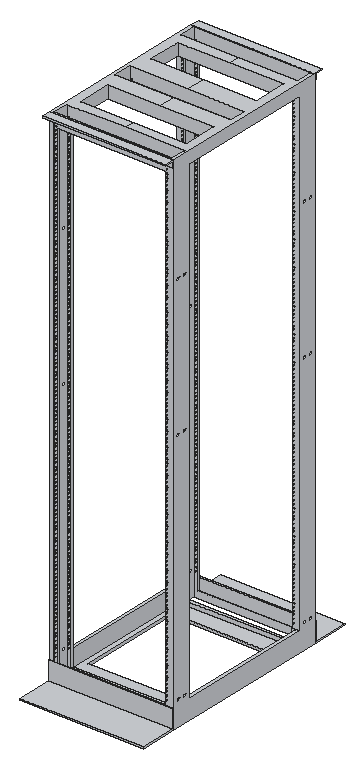
Revit family
Parameters
  Material ID = "760082545"
  Description = "29 IN (737 MM) D X 7 FT (2134 MM) H - 19 IN (482.6 MM)  STEEL EQUIPMENT RACK (45U) 3/8 SQ PUNCH, BLACK\r\n"
Reference planes (in)
  plane 1 "Center (Front/Back)": y = 0
  plane 2: z = 0
  plane 3 "Center (Left/Right)": x = 0
Forms (in)
  Extrusion 1, solid, not visible
    sketch origin (0, -14.305, 0) x (1, 0, 0) y (0, 0, 1)
      loop
        line (-8.5516, 0.86) -> (-8.5516, 0.46) -> (-7.9516, 0.46) -> (-7.9516, 0.86) -> (-8.5516, 0.86)
    from 0 to 0.77696
  Extrusion 2, solid
    sketch origin (0, 0, 0) x (1, 0, 0) y (0, 0, 1)
      loop
        line (-10.175, 42) -> (-10.175, -42) -> (10.175, -42) -> (10.175, 42) -> (0, 42) -> (-10.175, 42)
    from 0 to 29
  Extrusion 3, void
    sketch origin (0, 0, 0) x (1, 0, 0) y (0, 0, 1)
      loop
        line (-8.905, 40.00772) -> (-8.905, -40.8) -> (8.905, -40.8) -> (8.905, 40.00772) -> (-8.905, 40.00772)
    from 0 to 36
  Extrusion 4, void
    sketch origin (0, 0, 0) x (0, 1, 0) y (0, 0, 1)
      loop
        line (-3, 40.00772) -> (-25.79784, 40.00772) -> (-25.79784, -38.785) -> (-3, -38.785) -> (-3, 40.00772)
    from -31.70377 to 17.99623
  Extrusion 5, void
    sketch origin (0, 0, 0) x (0, 1, 0) y (0, 0, 1)
      loop
        line (-0.2, 59.72052) -> (-2.8, 59.72052) -> (-2.8, -66.46573) -> (-0.2, -66.46573) -> (-0.2, 59.72052)
    from -9.61605 to 9.71756
  Extrusion 6, void
    sketch origin (0, -29, 0) x (0, -1, 0) y (0, 0, -1)
      loop
        line (-0.2, -59.72052) -> (-0.2, 63.44959) -> (-2.8, 63.44959) -> (-2.8, -59.72052) -> (-0.2, -59.72052)
    from -9.61605 to 9.71756
  Extrusion 7, solid
    sketch origin (0, 0, -12) x (0, 1, 0) y (0, 0, 1)
      loop
        line (-29, -29.985) -> (-29, -26.785) -> (-29.2, -26.785) -> (-29.2, -29.785) -> (-35.2, -29.785) -> (-35.2, -29.985) -> (-29, -29.985)
      loop
        line (-29, 54) -> (-30.575, 54) -> (-30.575, 53.8) -> (-29.2, 53.8) -> (-29.2, 52.94396) -> (-29, 52.94396) -> (-29, 54)
      loop
        line (0, 54) -> (0, 52.94396) -> (0.2, 52.94396) -> (0.2, 53.8) -> (1.575, 53.8) -> (1.575, 54) -> (0, 54)
      loop
        line (0, -30) -> (6.2, -30) -> (6.2, -29.8) -> (0.2, -29.8) -> (0.2, -26.8) -> (0, -26.8) -> (0, -30)
    from -10.155 to 10.155
  Extrusion 8, void
    sketch origin (0, 0, 0) x (1, 0, 0) y (0, 1, 0)
      loop
        line (8.81573, -4.65622) -> (-8.68427, -4.65622) -> (-8.68427, -10.15622) -> (8.81573, -10.15622) -> (8.81573, -4.65622)
      loop
        line (9.39397, -13.32974) -> (-9.60603, -13.32974) -> (-9.60603, -16.32974) -> (9.39397, -16.32974) -> (9.39397, -13.32974)
      loop
        line (8.81573, -19.04784) -> (-8.68427, -19.04784) -> (-8.68427, -24.54784) -> (8.81573, -24.54784) -> (8.81573, -19.04784)
    from 42.36078 to 16.10929
  Extrusion 9, void
    sketch origin (0, 0, 0) x (1, 0, 0) y (0, 1, 0)
      loop
        line (8.74608, -23) -> (8.74608, -5.96462) -> (-8.75392, -5.96462) -> (-8.75392, -23) -> (8.74608, -23)
    from -52.54303 to 38.86972
  Extrusion 10, void
    sketch origin (0, 0, 0) x (0, 1, 0) y (0, 0, 1)
      loop
        circle (-26.875, 24.12) r 0.335
      loop
        circle (-28.125, 24.12) r 0.335
      loop
        circle (-0.875, 24.12) r 0.335
      loop
        circle (-2.125, 24.12) r 0.335
      loop
        circle (-26.875, 1.12) r 0.335
      loop
        circle (-28.125, 1.12) r 0.335
      loop
        circle (-0.875, 1.12) r 0.335
      loop
        circle (-2.125, 1.12) r 0.335
      loop
        circle (-26.875, -37.88) r 0.335
      loop
        circle (-28.125, -37.88) r 0.335
      loop
        circle (-0.875, -37.88) r 0.335
      loop
        circle (-2.125, -37.88) r 0.335
    from -24.88707 to 25.18322
  Extrusion 11, void
    sketch origin (0, 0, 0) x (1, 0, 0) y (0, 1, 0)
      loop
        line (-9.68285, -25.79784) -> (9.56715, -25.79784) -> (9.56715, -3.2) -> (-9.68285, -3.2) -> (-9.68285, -25.79784)
    from -41.49635 to -29.49635
  Extrusion 12, void
    sketch origin (0, 0, -12.25) x (1, 0, 0) y (0, 0, 1)
      loop
        line (-9.175, 52.604) -> (-9.264, 52.604) -> (-9.264, 52.515) -> (-9.264, 52.426) -> (-9.175, 52.426) -> (-9.086, 52.426) -> (-9.086, 52.604) -> (-9.175, 52.604)
      loop
        line (-9.175, 51.979) -> (-9.264, 51.979) -> (-9.264, 51.89) -> (-9.264, 51.801) -> (-9.175, 51.801) -> (-9.086, 51.801) -> (-9.086, 51.979) -> (-9.175, 51.979)
      loop
        line (-9.175, 51.354) -> (-9.264, 51.354) -> (-9.264, 51.265) -> (-9.264, 51.176) -> (-9.175, 51.176) -> (-9.086, 51.176) -> (-9.086, 51.354) -> (-9.175, 51.354)
      loop
        line (9.175, 52.604) -> (9.086, 52.604) -> (9.086, 52.426) -> (9.175, 52.426) -> (9.264, 52.426) -> (9.264, 52.515) -> (9.264, 52.604) -> (9.175, 52.604)
      loop
        line (9.175, 51.979) -> (9.086, 51.979) -> (9.086, 51.801) -> (9.175, 51.801) -> (9.264, 51.801) -> (9.264, 51.89) -> (9.264, 51.979) -> (9.175, 51.979)
      loop
        line (9.175, 51.354) -> (9.086, 51.354) -> (9.086, 51.176) -> (9.175, 51.176) -> (9.264, 51.176) -> (9.264, 51.265) -> (9.264, 51.354) -> (9.175, 51.354)
    from 0 to 36
  Extrusion 13, void
    sketch origin (0, 0, -14) x (1, 0, 0) y (0, 0, 1)
      loop
        line (-9.175, 52.604) -> (-9.264, 52.604) -> (-9.264, 52.515) -> (-9.264, 52.426) -> (-9.175, 52.426) -> (-9.086, 52.426) -> (-9.086, 52.604) -> (-9.175, 52.604)
      loop
        line (-9.175, 51.979) -> (-9.264, 51.979) -> (-9.264, 51.89) -> (-9.264, 51.801) -> (-9.175, 51.801) -> (-9.086, 51.801) -> (-9.086, 51.979) -> (-9.175, 51.979)
      loop
        line (-9.175, 51.354) -> (-9.264, 51.354) -> (-9.264, 51.265) -> (-9.264, 51.176) -> (-9.175, 51.176) -> (-9.086, 51.176) -> (-9.086, 51.354) -> (-9.175, 51.354)
      loop
        line (9.175, 52.604) -> (9.086, 52.604) -> (9.086, 52.426) -> (9.175, 52.426) -> (9.264, 52.426) -> (9.264, 52.515) -> (9.264, 52.604) -> (9.175, 52.604)
      loop
        line (9.175, 51.979) -> (9.086, 51.979) -> (9.086, 51.801) -> (9.175, 51.801) -> (9.264, 51.801) -> (9.264, 51.89) -> (9.264, 51.979) -> (9.175, 51.979)
      loop
        line (9.175, 51.354) -> (9.086, 51.354) -> (9.086, 51.176) -> (9.175, 51.176) -> (9.264, 51.176) -> (9.264, 51.265) -> (9.264, 51.354) -> (9.175, 51.354)
    from 0 to 36
  Extrusion 14, void
    sketch origin (0, 0, -15.75) x (1, 0, 0) y (0, 0, 1)
      loop
        line (-9.175, 52.604) -> (-9.264, 52.604) -> (-9.264, 52.515) -> (-9.264, 52.426) -> (-9.175, 52.426) -> (-9.086, 52.426) -> (-9.086, 52.604) -> (-9.175, 52.604)
      loop
        line (-9.175, 51.979) -> (-9.264, 51.979) -> (-9.264, 51.89) -> (-9.264, 51.801) -> (-9.175, 51.801) -> (-9.086, 51.801) -> (-9.086, 51.979) -> (-9.175, 51.979)
      loop
        line (-9.175, 51.354) -> (-9.264, 51.354) -> (-9.264, 51.265) -> (-9.264, 51.176) -> (-9.175, 51.176) -> (-9.086, 51.176) -> (-9.086, 51.354) -> (-9.175, 51.354)
      loop
        line (9.175, 52.604) -> (9.086, 52.604) -> (9.086, 52.426) -> (9.175, 52.426) -> (9.264, 52.426) -> (9.264, 52.515) -> (9.264, 52.604) -> (9.175, 52.604)
      loop
        line (9.175, 51.979) -> (9.086, 51.979) -> (9.086, 51.801) -> (9.175, 51.801) -> (9.264, 51.801) -> (9.264, 51.89) -> (9.264, 51.979) -> (9.175, 51.979)
      loop
        line (9.175, 51.354) -> (9.086, 51.354) -> (9.086, 51.176) -> (9.175, 51.176) -> (9.264, 51.176) -> (9.264, 51.265) -> (9.264, 51.354) -> (9.175, 51.354)
    from 0 to 36
  Extrusion 15, void
    sketch origin (0, 0, -17.5) x (1, 0, 0) y (0, 0, 1)
      loop
        line (-9.175, 52.604) -> (-9.264, 52.604) -> (-9.264, 52.515) -> (-9.264, 52.426) -> (-9.175, 52.426) -> (-9.086, 52.426) -> (-9.086, 52.604) -> (-9.175, 52.604)
      loop
        line (-9.175, 51.979) -> (-9.264, 51.979) -> (-9.264, 51.89) -> (-9.264, 51.801) -> (-9.175, 51.801) -> (-9.086, 51.801) -> (-9.086, 51.979) -> (-9.175, 51.979)
      loop
        line (-9.175, 51.354) -> (-9.264, 51.354) -> (-9.264, 51.265) -> (-9.264, 51.176) -> (-9.175, 51.176) -> (-9.086, 51.176) -> (-9.086, 51.354) -> (-9.175, 51.354)
      loop
        line (9.175, 52.604) -> (9.086, 52.604) -> (9.086, 52.426) -> (9.175, 52.426) -> (9.264, 52.426) -> (9.264, 52.515) -> (9.264, 52.604) -> (9.175, 52.604)
      loop
        line (9.175, 51.979) -> (9.086, 51.979) -> (9.086, 51.801) -> (9.175, 51.801) -> (9.264, 51.801) -> (9.264, 51.89) -> (9.264, 51.979) -> (9.175, 51.979)
      loop
        line (9.175, 51.354) -> (9.086, 51.354) -> (9.086, 51.176) -> (9.175, 51.176) -> (9.264, 51.176) -> (9.264, 51.265) -> (9.264, 51.354) -> (9.175, 51.354)
    from 0 to 36
  Extrusion 16, void
    sketch origin (0, 0, -19.25) x (1, 0, 0) y (0, 0, 1)
      loop
        line (-9.175, 52.604) -> (-9.264, 52.604) -> (-9.264, 52.515) -> (-9.264, 52.426) -> (-9.175, 52.426) -> (-9.086, 52.426) -> (-9.086, 52.604) -> (-9.175, 52.604)
      loop
        line (-9.175, 51.979) -> (-9.264, 51.979) -> (-9.264, 51.89) -> (-9.264, 51.801) -> (-9.175, 51.801) -> (-9.086, 51.801) -> (-9.086, 51.979) -> (-9.175, 51.979)
      loop
        line (-9.175, 51.354) -> (-9.264, 51.354) -> (-9.264, 51.265) -> (-9.264, 51.176) -> (-9.175, 51.176) -> (-9.086, 51.176) -> (-9.086, 51.354) -> (-9.175, 51.354)
      loop
        line (9.175, 52.604) -> (9.086, 52.604) -> (9.086, 52.426) -> (9.175, 52.426) -> (9.264, 52.426) -> (9.264, 52.515) -> (9.264, 52.604) -> (9.175, 52.604)
      loop
        line (9.175, 51.979) -> (9.086, 51.979) -> (9.086, 51.801) -> (9.175, 51.801) -> (9.264, 51.801) -> (9.264, 51.89) -> (9.264, 51.979) -> (9.175, 51.979)
      loop
        line (9.175, 51.354) -> (9.086, 51.354) -> (9.086, 51.176) -> (9.175, 51.176) -> (9.264, 51.176) -> (9.264, 51.265) -> (9.264, 51.354) -> (9.175, 51.354)
    from 0 to 36
  Extrusion 17, void
    sketch origin (0, 0, -21) x (1, 0, 0) y (0, 0, 1)
      loop
        line (-9.175, 52.604) -> (-9.264, 52.604) -> (-9.264, 52.515) -> (-9.264, 52.426) -> (-9.175, 52.426) -> (-9.086, 52.426) -> (-9.086, 52.604) -> (-9.175, 52.604)
      loop
        line (-9.175, 51.979) -> (-9.264, 51.979) -> (-9.264, 51.89) -> (-9.264, 51.801) -> (-9.175, 51.801) -> (-9.086, 51.801) -> (-9.086, 51.979) -> (-9.175, 51.979)
      loop
        line (-9.175, 51.354) -> (-9.264, 51.354) -> (-9.264, 51.265) -> (-9.264, 51.176) -> (-9.175, 51.176) -> (-9.086, 51.176) -> (-9.086, 51.354) -> (-9.175, 51.354)
      loop
        line (9.175, 52.604) -> (9.086, 52.604) -> (9.086, 52.426) -> (9.175, 52.426) -> (9.264, 52.426) -> (9.264, 52.515) -> (9.264, 52.604) -> (9.175, 52.604)
      loop
        line (9.175, 51.979) -> (9.086, 51.979) -> (9.086, 51.801) -> (9.175, 51.801) -> (9.264, 51.801) -> (9.264, 51.89) -> (9.264, 51.979) -> (9.175, 51.979)
      loop
        line (9.175, 51.354) -> (9.086, 51.354) -> (9.086, 51.176) -> (9.175, 51.176) -> (9.264, 51.176) -> (9.264, 51.265) -> (9.264, 51.354) -> (9.175, 51.354)
    from 0 to 36
  Extrusion 18, void
    sketch origin (0, 0, -22.75) x (1, 0, 0) y (0, 0, 1)
      loop
        line (-9.175, 52.604) -> (-9.264, 52.604) -> (-9.264, 52.515) -> (-9.264, 52.426) -> (-9.175, 52.426) -> (-9.086, 52.426) -> (-9.086, 52.604) -> (-9.175, 52.604)
      loop
        line (-9.175, 51.979) -> (-9.264, 51.979) -> (-9.264, 51.89) -> (-9.264, 51.801) -> (-9.175, 51.801) -> (-9.086, 51.801) -> (-9.086, 51.979) -> (-9.175, 51.979)
      loop
        line (-9.175, 51.354) -> (-9.264, 51.354) -> (-9.264, 51.265) -> (-9.264, 51.176) -> (-9.175, 51.176) -> (-9.086, 51.176) -> (-9.086, 51.354) -> (-9.175, 51.354)
      loop
        line (9.175, 52.604) -> (9.086, 52.604) -> (9.086, 52.426) -> (9.175, 52.426) -> (9.264, 52.426) -> (9.264, 52.515) -> (9.264, 52.604) -> (9.175, 52.604)
      loop
        line (9.175, 51.979) -> (9.086, 51.979) -> (9.086, 51.801) -> (9.175, 51.801) -> (9.264, 51.801) -> (9.264, 51.89) -> (9.264, 51.979) -> (9.175, 51.979)
      loop
        line (9.175, 51.354) -> (9.086, 51.354) -> (9.086, 51.176) -> (9.175, 51.176) -> (9.264, 51.176) -> (9.264, 51.265) -> (9.264, 51.354) -> (9.175, 51.354)
    from 0 to 36
  Extrusion 19, void
    sketch origin (0, 0, -24.5) x (1, 0, 0) y (0, 0, 1)
      loop
        line (-9.175, 52.604) -> (-9.264, 52.604) -> (-9.264, 52.515) -> (-9.264, 52.426) -> (-9.175, 52.426) -> (-9.086, 52.426) -> (-9.086, 52.604) -> (-9.175, 52.604)
      loop
        line (-9.175, 51.979) -> (-9.264, 51.979) -> (-9.264, 51.89) -> (-9.264, 51.801) -> (-9.175, 51.801) -> (-9.086, 51.801) -> (-9.086, 51.979) -> (-9.175, 51.979)
      loop
        line (-9.175, 51.354) -> (-9.264, 51.354) -> (-9.264, 51.265) -> (-9.264, 51.176) -> (-9.175, 51.176) -> (-9.086, 51.176) -> (-9.086, 51.354) -> (-9.175, 51.354)
      loop
        line (9.175, 52.604) -> (9.086, 52.604) -> (9.086, 52.426) -> (9.175, 52.426) -> (9.264, 52.426) -> (9.264, 52.515) -> (9.264, 52.604) -> (9.175, 52.604)
      loop
        line (9.175, 51.979) -> (9.086, 51.979) -> (9.086, 51.801) -> (9.175, 51.801) -> (9.264, 51.801) -> (9.264, 51.89) -> (9.264, 51.979) -> (9.175, 51.979)
      loop
        line (9.175, 51.354) -> (9.086, 51.354) -> (9.086, 51.176) -> (9.175, 51.176) -> (9.264, 51.176) -> (9.264, 51.265) -> (9.264, 51.354) -> (9.175, 51.354)
    from 0 to 36
  Extrusion 20, void
    sketch origin (0, 0, -26.25) x (1, 0, 0) y (0, 0, 1)
      loop
        line (-9.175, 52.604) -> (-9.264, 52.604) -> (-9.264, 52.515) -> (-9.264, 52.426) -> (-9.175, 52.426) -> (-9.086, 52.426) -> (-9.086, 52.604) -> (-9.175, 52.604)
      loop
        line (-9.175, 51.979) -> (-9.264, 51.979) -> (-9.264, 51.89) -> (-9.264, 51.801) -> (-9.175, 51.801) -> (-9.086, 51.801) -> (-9.086, 51.979) -> (-9.175, 51.979)
      loop
        line (-9.175, 51.354) -> (-9.264, 51.354) -> (-9.264, 51.265) -> (-9.264, 51.176) -> (-9.175, 51.176) -> (-9.086, 51.176) -> (-9.086, 51.354) -> (-9.175, 51.354)
      loop
        line (9.175, 52.604) -> (9.086, 52.604) -> (9.086, 52.426) -> (9.175, 52.426) -> (9.264, 52.426) -> (9.264, 52.515) -> (9.264, 52.604) -> (9.175, 52.604)
      loop
        line (9.175, 51.979) -> (9.086, 51.979) -> (9.086, 51.801) -> (9.175, 51.801) -> (9.264, 51.801) -> (9.264, 51.89) -> (9.264, 51.979) -> (9.175, 51.979)
      loop
        line (9.175, 51.354) -> (9.086, 51.354) -> (9.086, 51.176) -> (9.175, 51.176) -> (9.264, 51.176) -> (9.264, 51.265) -> (9.264, 51.354) -> (9.175, 51.354)
    from 0 to 36
  Extrusion 21, void
    sketch origin (0, 0, -28) x (1, 0, 0) y (0, 0, 1)
      loop
        line (-9.175, 52.604) -> (-9.264, 52.604) -> (-9.264, 52.515) -> (-9.264, 52.426) -> (-9.175, 52.426) -> (-9.086, 52.426) -> (-9.086, 52.604) -> (-9.175, 52.604)
      loop
        line (-9.175, 51.979) -> (-9.264, 51.979) -> (-9.264, 51.89) -> (-9.264, 51.801) -> (-9.175, 51.801) -> (-9.086, 51.801) -> (-9.086, 51.979) -> (-9.175, 51.979)
      loop
        line (-9.175, 51.354) -> (-9.264, 51.354) -> (-9.264, 51.265) -> (-9.264, 51.176) -> (-9.175, 51.176) -> (-9.086, 51.176) -> (-9.086, 51.354) -> (-9.175, 51.354)
      loop
        line (9.175, 52.604) -> (9.086, 52.604) -> (9.086, 52.426) -> (9.175, 52.426) -> (9.264, 52.426) -> (9.264, 52.515) -> (9.264, 52.604) -> (9.175, 52.604)
      loop
        line (9.175, 51.979) -> (9.086, 51.979) -> (9.086, 51.801) -> (9.175, 51.801) -> (9.264, 51.801) -> (9.264, 51.89) -> (9.264, 51.979) -> (9.175, 51.979)
      loop
        line (9.175, 51.354) -> (9.086, 51.354) -> (9.086, 51.176) -> (9.175, 51.176) -> (9.264, 51.176) -> (9.264, 51.265) -> (9.264, 51.354) -> (9.175, 51.354)
    from 0 to 36
  Extrusion 22, void
    sketch origin (0, 0, -29.75) x (1, 0, 0) y (0, 0, 1)
      loop
        line (-9.175, 52.604) -> (-9.264, 52.604) -> (-9.264, 52.515) -> (-9.264, 52.426) -> (-9.175, 52.426) -> (-9.086, 52.426) -> (-9.086, 52.604) -> (-9.175, 52.604)
      loop
        line (-9.175, 51.979) -> (-9.264, 51.979) -> (-9.264, 51.89) -> (-9.264, 51.801) -> (-9.175, 51.801) -> (-9.086, 51.801) -> (-9.086, 51.979) -> (-9.175, 51.979)
      loop
        line (-9.175, 51.354) -> (-9.264, 51.354) -> (-9.264, 51.265) -> (-9.264, 51.176) -> (-9.175, 51.176) -> (-9.086, 51.176) -> (-9.086, 51.354) -> (-9.175, 51.354)
      loop
        line (9.175, 52.604) -> (9.086, 52.604) -> (9.086, 52.426) -> (9.175, 52.426) -> (9.264, 52.426) -> (9.264, 52.515) -> (9.264, 52.604) -> (9.175, 52.604)
      loop
        line (9.175, 51.979) -> (9.086, 51.979) -> (9.086, 51.801) -> (9.175, 51.801) -> (9.264, 51.801) -> (9.264, 51.89) -> (9.264, 51.979) -> (9.175, 51.979)
      loop
        line (9.175, 51.354) -> (9.086, 51.354) -> (9.086, 51.176) -> (9.175, 51.176) -> (9.264, 51.176) -> (9.264, 51.265) -> (9.264, 51.354) -> (9.175, 51.354)
    from 0 to 36
  Extrusion 23, void
    sketch origin (0, 0, -31.5) x (1, 0, 0) y (0, 0, 1)
      loop
        line (-9.175, 52.604) -> (-9.264, 52.604) -> (-9.264, 52.515) -> (-9.264, 52.426) -> (-9.175, 52.426) -> (-9.086, 52.426) -> (-9.086, 52.604) -> (-9.175, 52.604)
      loop
        line (-9.175, 51.979) -> (-9.264, 51.979) -> (-9.264, 51.89) -> (-9.264, 51.801) -> (-9.175, 51.801) -> (-9.086, 51.801) -> (-9.086, 51.979) -> (-9.175, 51.979)
      loop
        line (-9.175, 51.354) -> (-9.264, 51.354) -> (-9.264, 51.265) -> (-9.264, 51.176) -> (-9.175, 51.176) -> (-9.086, 51.176) -> (-9.086, 51.354) -> (-9.175, 51.354)
      loop
        line (9.175, 52.604) -> (9.086, 52.604) -> (9.086, 52.426) -> (9.175, 52.426) -> (9.264, 52.426) -> (9.264, 52.515) -> (9.264, 52.604) -> (9.175, 52.604)
      loop
        line (9.175, 51.979) -> (9.086, 51.979) -> (9.086, 51.801) -> (9.175, 51.801) -> (9.264, 51.801) -> (9.264, 51.89) -> (9.264, 51.979) -> (9.175, 51.979)
      loop
        line (9.175, 51.354) -> (9.086, 51.354) -> (9.086, 51.176) -> (9.175, 51.176) -> (9.264, 51.176) -> (9.264, 51.265) -> (9.264, 51.354) -> (9.175, 51.354)
    from 0 to 36
  Extrusion 24, void
    sketch origin (0, 0, -33.25) x (1, 0, 0) y (0, 0, 1)
      loop
        line (-9.175, 52.604) -> (-9.264, 52.604) -> (-9.264, 52.515) -> (-9.264, 52.426) -> (-9.175, 52.426) -> (-9.086, 52.426) -> (-9.086, 52.604) -> (-9.175, 52.604)
      loop
        line (-9.175, 51.979) -> (-9.264, 51.979) -> (-9.264, 51.89) -> (-9.264, 51.801) -> (-9.175, 51.801) -> (-9.086, 51.801) -> (-9.086, 51.979) -> (-9.175, 51.979)
      loop
        line (-9.175, 51.354) -> (-9.264, 51.354) -> (-9.264, 51.265) -> (-9.264, 51.176) -> (-9.175, 51.176) -> (-9.086, 51.176) -> (-9.086, 51.354) -> (-9.175, 51.354)
      loop
        line (9.175, 52.604) -> (9.086, 52.604) -> (9.086, 52.426) -> (9.175, 52.426) -> (9.264, 52.426) -> (9.264, 52.515) -> (9.264, 52.604) -> (9.175, 52.604)
      loop
        line (9.175, 51.979) -> (9.086, 51.979) -> (9.086, 51.801) -> (9.175, 51.801) -> (9.264, 51.801) -> (9.264, 51.89) -> (9.264, 51.979) -> (9.175, 51.979)
      loop
        line (9.175, 51.354) -> (9.086, 51.354) -> (9.086, 51.176) -> (9.175, 51.176) -> (9.264, 51.176) -> (9.264, 51.265) -> (9.264, 51.354) -> (9.175, 51.354)
    from 0 to 36
  Extrusion 25, void
    sketch origin (0, 0, -35) x (1, 0, 0) y (0, 0, 1)
      loop
        line (-9.175, 52.604) -> (-9.264, 52.604) -> (-9.264, 52.515) -> (-9.264, 52.426) -> (-9.175, 52.426) -> (-9.086, 52.426) -> (-9.086, 52.604) -> (-9.175, 52.604)
      loop
        line (-9.175, 51.979) -> (-9.264, 51.979) -> (-9.264, 51.89) -> (-9.264, 51.801) -> (-9.175, 51.801) -> (-9.086, 51.801) -> (-9.086, 51.979) -> (-9.175, 51.979)
      loop
        line (-9.175, 51.354) -> (-9.264, 51.354) -> (-9.264, 51.265) -> (-9.264, 51.176) -> (-9.175, 51.176) -> (-9.086, 51.176) -> (-9.086, 51.354) -> (-9.175, 51.354)
      loop
        line (9.175, 52.604) -> (9.086, 52.604) -> (9.086, 52.426) -> (9.175, 52.426) -> (9.264, 52.426) -> (9.264, 52.515) -> (9.264, 52.604) -> (9.175, 52.604)
      loop
        line (9.175, 51.979) -> (9.086, 51.979) -> (9.086, 51.801) -> (9.175, 51.801) -> (9.264, 51.801) -> (9.264, 51.89) -> (9.264, 51.979) -> (9.175, 51.979)
      loop
        line (9.175, 51.354) -> (9.086, 51.354) -> (9.086, 51.176) -> (9.175, 51.176) -> (9.264, 51.176) -> (9.264, 51.265) -> (9.264, 51.354) -> (9.175, 51.354)
    from 0 to 36
  Extrusion 26, void
    sketch origin (0, 0, -36.75) x (1, 0, 0) y (0, 0, 1)
      loop
        line (-9.175, 52.604) -> (-9.264, 52.604) -> (-9.264, 52.515) -> (-9.264, 52.426) -> (-9.175, 52.426) -> (-9.086, 52.426) -> (-9.086, 52.604) -> (-9.175, 52.604)
      loop
        line (-9.175, 51.979) -> (-9.264, 51.979) -> (-9.264, 51.89) -> (-9.264, 51.801) -> (-9.175, 51.801) -> (-9.086, 51.801) -> (-9.086, 51.979) -> (-9.175, 51.979)
      loop
        line (-9.175, 51.354) -> (-9.264, 51.354) -> (-9.264, 51.265) -> (-9.264, 51.176) -> (-9.175, 51.176) -> (-9.086, 51.176) -> (-9.086, 51.354) -> (-9.175, 51.354)
      loop
        line (9.175, 52.604) -> (9.086, 52.604) -> (9.086, 52.426) -> (9.175, 52.426) -> (9.264, 52.426) -> (9.264, 52.515) -> (9.264, 52.604) -> (9.175, 52.604)
      loop
        line (9.175, 51.979) -> (9.086, 51.979) -> (9.086, 51.801) -> (9.175, 51.801) -> (9.264, 51.801) -> (9.264, 51.89) -> (9.264, 51.979) -> (9.175, 51.979)
      loop
        line (9.175, 51.354) -> (9.086, 51.354) -> (9.086, 51.176) -> (9.175, 51.176) -> (9.264, 51.176) -> (9.264, 51.265) -> (9.264, 51.354) -> (9.175, 51.354)
    from 0 to 36
  Extrusion 27, void
    sketch origin (0, 0, -38.5) x (1, 0, 0) y (0, 0, 1)
      loop
        line (-9.175, 52.604) -> (-9.264, 52.604) -> (-9.264, 52.515) -> (-9.264, 52.426) -> (-9.175, 52.426) -> (-9.086, 52.426) -> (-9.086, 52.604) -> (-9.175, 52.604)
      loop
        line (-9.175, 51.979) -> (-9.264, 51.979) -> (-9.264, 51.89) -> (-9.264, 51.801) -> (-9.175, 51.801) -> (-9.086, 51.801) -> (-9.086, 51.979) -> (-9.175, 51.979)
      loop
        line (-9.175, 51.354) -> (-9.264, 51.354) -> (-9.264, 51.265) -> (-9.264, 51.176) -> (-9.175, 51.176) -> (-9.086, 51.176) -> (-9.086, 51.354) -> (-9.175, 51.354)
      loop
        line (9.175, 52.604) -> (9.086, 52.604) -> (9.086, 52.426) -> (9.175, 52.426) -> (9.264, 52.426) -> (9.264, 52.515) -> (9.264, 52.604) -> (9.175, 52.604)
      loop
        line (9.175, 51.979) -> (9.086, 51.979) -> (9.086, 51.801) -> (9.175, 51.801) -> (9.264, 51.801) -> (9.264, 51.89) -> (9.264, 51.979) -> (9.175, 51.979)
      loop
        line (9.175, 51.354) -> (9.086, 51.354) -> (9.086, 51.176) -> (9.175, 51.176) -> (9.264, 51.176) -> (9.264, 51.265) -> (9.264, 51.354) -> (9.175, 51.354)
    from 0 to 36
  Extrusion 28, void
    sketch origin (0, 0, -40.25) x (1, 0, 0) y (0, 0, 1)
      loop
        line (-9.175, 52.604) -> (-9.264, 52.604) -> (-9.264, 52.515) -> (-9.264, 52.426) -> (-9.175, 52.426) -> (-9.086, 52.426) -> (-9.086, 52.604) -> (-9.175, 52.604)
      loop
        line (-9.175, 51.979) -> (-9.264, 51.979) -> (-9.264, 51.89) -> (-9.264, 51.801) -> (-9.175, 51.801) -> (-9.086, 51.801) -> (-9.086, 51.979) -> (-9.175, 51.979)
      loop
        line (-9.175, 51.354) -> (-9.264, 51.354) -> (-9.264, 51.265) -> (-9.264, 51.176) -> (-9.175, 51.176) -> (-9.086, 51.176) -> (-9.086, 51.354) -> (-9.175, 51.354)
      loop
        line (9.175, 52.604) -> (9.086, 52.604) -> (9.086, 52.426) -> (9.175, 52.426) -> (9.264, 52.426) -> (9.264, 52.515) -> (9.264, 52.604) -> (9.175, 52.604)
      loop
        line (9.175, 51.979) -> (9.086, 51.979) -> (9.086, 51.801) -> (9.175, 51.801) -> (9.264, 51.801) -> (9.264, 51.89) -> (9.264, 51.979) -> (9.175, 51.979)
      loop
        line (9.175, 51.354) -> (9.086, 51.354) -> (9.086, 51.176) -> (9.175, 51.176) -> (9.264, 51.176) -> (9.264, 51.265) -> (9.264, 51.354) -> (9.175, 51.354)
    from 0 to 36
  Extrusion 29, void
    sketch origin (0, 0, -42) x (1, 0, 0) y (0, 0, 1)
      loop
        line (-9.175, 52.604) -> (-9.264, 52.604) -> (-9.264, 52.515) -> (-9.264, 52.426) -> (-9.175, 52.426) -> (-9.086, 52.426) -> (-9.086, 52.604) -> (-9.175, 52.604)
      loop
        line (-9.175, 51.979) -> (-9.264, 51.979) -> (-9.264, 51.89) -> (-9.264, 51.801) -> (-9.175, 51.801) -> (-9.086, 51.801) -> (-9.086, 51.979) -> (-9.175, 51.979)
      loop
        line (-9.175, 51.354) -> (-9.264, 51.354) -> (-9.264, 51.265) -> (-9.264, 51.176) -> (-9.175, 51.176) -> (-9.086, 51.176) -> (-9.086, 51.354) -> (-9.175, 51.354)
      loop
        line (9.175, 52.604) -> (9.086, 52.604) -> (9.086, 52.426) -> (9.175, 52.426) -> (9.264, 52.426) -> (9.264, 52.515) -> (9.264, 52.604) -> (9.175, 52.604)
      loop
        line (9.175, 51.979) -> (9.086, 51.979) -> (9.086, 51.801) -> (9.175, 51.801) -> (9.264, 51.801) -> (9.264, 51.89) -> (9.264, 51.979) -> (9.175, 51.979)
      loop
        line (9.175, 51.354) -> (9.086, 51.354) -> (9.086, 51.176) -> (9.175, 51.176) -> (9.264, 51.176) -> (9.264, 51.265) -> (9.264, 51.354) -> (9.175, 51.354)
    from 0 to 36
  Extrusion 30, void
    sketch origin (0, 0, -43.75) x (1, 0, 0) y (0, 0, 1)
      loop
        line (-9.175, 52.604) -> (-9.264, 52.604) -> (-9.264, 52.515) -> (-9.264, 52.426) -> (-9.175, 52.426) -> (-9.086, 52.426) -> (-9.086, 52.604) -> (-9.175, 52.604)
      loop
        line (-9.175, 51.979) -> (-9.264, 51.979) -> (-9.264, 51.89) -> (-9.264, 51.801) -> (-9.175, 51.801) -> (-9.086, 51.801) -> (-9.086, 51.979) -> (-9.175, 51.979)
      loop
        line (-9.175, 51.354) -> (-9.264, 51.354) -> (-9.264, 51.265) -> (-9.264, 51.176) -> (-9.175, 51.176) -> (-9.086, 51.176) -> (-9.086, 51.354) -> (-9.175, 51.354)
      loop
        line (9.175, 52.604) -> (9.086, 52.604) -> (9.086, 52.426) -> (9.175, 52.426) -> (9.264, 52.426) -> (9.264, 52.515) -> (9.264, 52.604) -> (9.175, 52.604)
      loop
        line (9.175, 51.979) -> (9.086, 51.979) -> (9.086, 51.801) -> (9.175, 51.801) -> (9.264, 51.801) -> (9.264, 51.89) -> (9.264, 51.979) -> (9.175, 51.979)
      loop
        line (9.175, 51.354) -> (9.086, 51.354) -> (9.086, 51.176) -> (9.175, 51.176) -> (9.264, 51.176) -> (9.264, 51.265) -> (9.264, 51.354) -> (9.175, 51.354)
    from 0 to 36
  Extrusion 31, void
    sketch origin (0, 0, -45.5) x (1, 0, 0) y (0, 0, 1)
      loop
        line (-9.175, 52.604) -> (-9.264, 52.604) -> (-9.264, 52.515) -> (-9.264, 52.426) -> (-9.175, 52.426) -> (-9.086, 52.426) -> (-9.086, 52.604) -> (-9.175, 52.604)
      loop
        line (-9.175, 51.979) -> (-9.264, 51.979) -> (-9.264, 51.89) -> (-9.264, 51.801) -> (-9.175, 51.801) -> (-9.086, 51.801) -> (-9.086, 51.979) -> (-9.175, 51.979)
      loop
        line (-9.175, 51.354) -> (-9.264, 51.354) -> (-9.264, 51.265) -> (-9.264, 51.176) -> (-9.175, 51.176) -> (-9.086, 51.176) -> (-9.086, 51.354) -> (-9.175, 51.354)
      loop
        line (9.175, 52.604) -> (9.086, 52.604) -> (9.086, 52.426) -> (9.175, 52.426) -> (9.264, 52.426) -> (9.264, 52.515) -> (9.264, 52.604) -> (9.175, 52.604)
      loop
        line (9.175, 51.979) -> (9.086, 51.979) -> (9.086, 51.801) -> (9.175, 51.801) -> (9.264, 51.801) -> (9.264, 51.89) -> (9.264, 51.979) -> (9.175, 51.979)
      loop
        line (9.175, 51.354) -> (9.086, 51.354) -> (9.086, 51.176) -> (9.175, 51.176) -> (9.264, 51.176) -> (9.264, 51.265) -> (9.264, 51.354) -> (9.175, 51.354)
    from 0 to 36
  Extrusion 32, void
    sketch origin (0, 0, -47.25) x (1, 0, 0) y (0, 0, 1)
      loop
        line (-9.175, 52.604) -> (-9.264, 52.604) -> (-9.264, 52.515) -> (-9.264, 52.426) -> (-9.175, 52.426) -> (-9.086, 52.426) -> (-9.086, 52.604) -> (-9.175, 52.604)
      loop
        line (-9.175, 51.979) -> (-9.264, 51.979) -> (-9.264, 51.89) -> (-9.264, 51.801) -> (-9.175, 51.801) -> (-9.086, 51.801) -> (-9.086, 51.979) -> (-9.175, 51.979)
      loop
        line (-9.175, 51.354) -> (-9.264, 51.354) -> (-9.264, 51.265) -> (-9.264, 51.176) -> (-9.175, 51.176) -> (-9.086, 51.176) -> (-9.086, 51.354) -> (-9.175, 51.354)
      loop
        line (9.175, 52.604) -> (9.086, 52.604) -> (9.086, 52.426) -> (9.175, 52.426) -> (9.264, 52.426) -> (9.264, 52.515) -> (9.264, 52.604) -> (9.175, 52.604)
      loop
        line (9.175, 51.979) -> (9.086, 51.979) -> (9.086, 51.801) -> (9.175, 51.801) -> (9.264, 51.801) -> (9.264, 51.89) -> (9.264, 51.979) -> (9.175, 51.979)
      loop
        line (9.175, 51.354) -> (9.086, 51.354) -> (9.086, 51.176) -> (9.175, 51.176) -> (9.264, 51.176) -> (9.264, 51.265) -> (9.264, 51.354) -> (9.175, 51.354)
    from 0 to 36
  Extrusion 33, void
    sketch origin (0, 0, -49) x (1, 0, 0) y (0, 0, 1)
      loop
        line (-9.175, 52.604) -> (-9.264, 52.604) -> (-9.264, 52.515) -> (-9.264, 52.426) -> (-9.175, 52.426) -> (-9.086, 52.426) -> (-9.086, 52.604) -> (-9.175, 52.604)
      loop
        line (-9.175, 51.979) -> (-9.264, 51.979) -> (-9.264, 51.89) -> (-9.264, 51.801) -> (-9.175, 51.801) -> (-9.086, 51.801) -> (-9.086, 51.979) -> (-9.175, 51.979)
      loop
        line (-9.175, 51.354) -> (-9.264, 51.354) -> (-9.264, 51.265) -> (-9.264, 51.176) -> (-9.175, 51.176) -> (-9.086, 51.176) -> (-9.086, 51.354) -> (-9.175, 51.354)
      loop
        line (9.175, 52.604) -> (9.086, 52.604) -> (9.086, 52.426) -> (9.175, 52.426) -> (9.264, 52.426) -> (9.264, 52.515) -> (9.264, 52.604) -> (9.175, 52.604)
      loop
        line (9.175, 51.979) -> (9.086, 51.979) -> (9.086, 51.801) -> (9.175, 51.801) -> (9.264, 51.801) -> (9.264, 51.89) -> (9.264, 51.979) -> (9.175, 51.979)
      loop
        line (9.175, 51.354) -> (9.086, 51.354) -> (9.086, 51.176) -> (9.175, 51.176) -> (9.264, 51.176) -> (9.264, 51.265) -> (9.264, 51.354) -> (9.175, 51.354)
    from 0 to 36
  Extrusion 34, void
    sketch origin (0, 0, -50.75) x (1, 0, 0) y (0, 0, 1)
      loop
        line (-9.175, 52.604) -> (-9.264, 52.604) -> (-9.264, 52.515) -> (-9.264, 52.426) -> (-9.175, 52.426) -> (-9.086, 52.426) -> (-9.086, 52.604) -> (-9.175, 52.604)
      loop
        line (-9.175, 51.979) -> (-9.264, 51.979) -> (-9.264, 51.89) -> (-9.264, 51.801) -> (-9.175, 51.801) -> (-9.086, 51.801) -> (-9.086, 51.979) -> (-9.175, 51.979)
      loop
        line (-9.175, 51.354) -> (-9.264, 51.354) -> (-9.264, 51.265) -> (-9.264, 51.176) -> (-9.175, 51.176) -> (-9.086, 51.176) -> (-9.086, 51.354) -> (-9.175, 51.354)
      loop
        line (9.175, 52.604) -> (9.086, 52.604) -> (9.086, 52.426) -> (9.175, 52.426) -> (9.264, 52.426) -> (9.264, 52.515) -> (9.264, 52.604) -> (9.175, 52.604)
      loop
        line (9.175, 51.979) -> (9.086, 51.979) -> (9.086, 51.801) -> (9.175, 51.801) -> (9.264, 51.801) -> (9.264, 51.89) -> (9.264, 51.979) -> (9.175, 51.979)
      loop
        line (9.175, 51.354) -> (9.086, 51.354) -> (9.086, 51.176) -> (9.175, 51.176) -> (9.264, 51.176) -> (9.264, 51.265) -> (9.264, 51.354) -> (9.175, 51.354)
    from 0 to 36
  Extrusion 35, void
    sketch origin (0, 0, -52.5) x (1, 0, 0) y (0, 0, 1)
      loop
        line (-9.175, 52.604) -> (-9.264, 52.604) -> (-9.264, 52.515) -> (-9.264, 52.426) -> (-9.175, 52.426) -> (-9.086, 52.426) -> (-9.086, 52.604) -> (-9.175, 52.604)
      loop
        line (-9.175, 51.979) -> (-9.264, 51.979) -> (-9.264, 51.89) -> (-9.264, 51.801) -> (-9.175, 51.801) -> (-9.086, 51.801) -> (-9.086, 51.979) -> (-9.175, 51.979)
      loop
        line (-9.175, 51.354) -> (-9.264, 51.354) -> (-9.264, 51.265) -> (-9.264, 51.176) -> (-9.175, 51.176) -> (-9.086, 51.176) -> (-9.086, 51.354) -> (-9.175, 51.354)
      loop
        line (9.175, 52.604) -> (9.086, 52.604) -> (9.086, 52.426) -> (9.175, 52.426) -> (9.264, 52.426) -> (9.264, 52.515) -> (9.264, 52.604) -> (9.175, 52.604)
      loop
        line (9.175, 51.979) -> (9.086, 51.979) -> (9.086, 51.801) -> (9.175, 51.801) -> (9.264, 51.801) -> (9.264, 51.89) -> (9.264, 51.979) -> (9.175, 51.979)
      loop
        line (9.175, 51.354) -> (9.086, 51.354) -> (9.086, 51.176) -> (9.175, 51.176) -> (9.264, 51.176) -> (9.264, 51.265) -> (9.264, 51.354) -> (9.175, 51.354)
    from 0 to 36
  Extrusion 36, void
    sketch origin (0, 0, -54.25) x (1, 0, 0) y (0, 0, 1)
      loop
        line (-9.175, 52.604) -> (-9.264, 52.604) -> (-9.264, 52.515) -> (-9.264, 52.426) -> (-9.175, 52.426) -> (-9.086, 52.426) -> (-9.086, 52.604) -> (-9.175, 52.604)
      loop
        line (-9.175, 51.979) -> (-9.264, 51.979) -> (-9.264, 51.89) -> (-9.264, 51.801) -> (-9.175, 51.801) -> (-9.086, 51.801) -> (-9.086, 51.979) -> (-9.175, 51.979)
      loop
        line (-9.175, 51.354) -> (-9.264, 51.354) -> (-9.264, 51.265) -> (-9.264, 51.176) -> (-9.175, 51.176) -> (-9.086, 51.176) -> (-9.086, 51.354) -> (-9.175, 51.354)
      loop
        line (9.175, 52.604) -> (9.086, 52.604) -> (9.086, 52.426) -> (9.175, 52.426) -> (9.264, 52.426) -> (9.264, 52.515) -> (9.264, 52.604) -> (9.175, 52.604)
      loop
        line (9.175, 51.979) -> (9.086, 51.979) -> (9.086, 51.801) -> (9.175, 51.801) -> (9.264, 51.801) -> (9.264, 51.89) -> (9.264, 51.979) -> (9.175, 51.979)
      loop
        line (9.175, 51.354) -> (9.086, 51.354) -> (9.086, 51.176) -> (9.175, 51.176) -> (9.264, 51.176) -> (9.264, 51.265) -> (9.264, 51.354) -> (9.175, 51.354)
    from 0 to 36
  Extrusion 37, void
    sketch origin (0, 0, -56) x (1, 0, 0) y (0, 0, 1)
      loop
        line (-9.175, 52.604) -> (-9.264, 52.604) -> (-9.264, 52.515) -> (-9.264, 52.426) -> (-9.175, 52.426) -> (-9.086, 52.426) -> (-9.086, 52.604) -> (-9.175, 52.604)
      loop
        line (-9.175, 51.979) -> (-9.264, 51.979) -> (-9.264, 51.89) -> (-9.264, 51.801) -> (-9.175, 51.801) -> (-9.086, 51.801) -> (-9.086, 51.979) -> (-9.175, 51.979)
      loop
        line (-9.175, 51.354) -> (-9.264, 51.354) -> (-9.264, 51.265) -> (-9.264, 51.176) -> (-9.175, 51.176) -> (-9.086, 51.176) -> (-9.086, 51.354) -> (-9.175, 51.354)
      loop
        line (9.175, 52.604) -> (9.086, 52.604) -> (9.086, 52.426) -> (9.175, 52.426) -> (9.264, 52.426) -> (9.264, 52.515) -> (9.264, 52.604) -> (9.175, 52.604)
      loop
        line (9.175, 51.979) -> (9.086, 51.979) -> (9.086, 51.801) -> (9.175, 51.801) -> (9.264, 51.801) -> (9.264, 51.89) -> (9.264, 51.979) -> (9.175, 51.979)
      loop
        line (9.175, 51.354) -> (9.086, 51.354) -> (9.086, 51.176) -> (9.175, 51.176) -> (9.264, 51.176) -> (9.264, 51.265) -> (9.264, 51.354) -> (9.175, 51.354)
    from 0 to 36
  Extrusion 38, void
    sketch origin (0, 0, -57.75) x (1, 0, 0) y (0, 0, 1)
      loop
        line (-9.175, 52.604) -> (-9.264, 52.604) -> (-9.264, 52.515) -> (-9.264, 52.426) -> (-9.175, 52.426) -> (-9.086, 52.426) -> (-9.086, 52.604) -> (-9.175, 52.604)
      loop
        line (-9.175, 51.979) -> (-9.264, 51.979) -> (-9.264, 51.89) -> (-9.264, 51.801) -> (-9.175, 51.801) -> (-9.086, 51.801) -> (-9.086, 51.979) -> (-9.175, 51.979)
      loop
        line (-9.175, 51.354) -> (-9.264, 51.354) -> (-9.264, 51.265) -> (-9.264, 51.176) -> (-9.175, 51.176) -> (-9.086, 51.176) -> (-9.086, 51.354) -> (-9.175, 51.354)
      loop
        line (9.175, 52.604) -> (9.086, 52.604) -> (9.086, 52.426) -> (9.175, 52.426) -> (9.264, 52.426) -> (9.264, 52.515) -> (9.264, 52.604) -> (9.175, 52.604)
      loop
        line (9.175, 51.979) -> (9.086, 51.979) -> (9.086, 51.801) -> (9.175, 51.801) -> (9.264, 51.801) -> (9.264, 51.89) -> (9.264, 51.979) -> (9.175, 51.979)
      loop
        line (9.175, 51.354) -> (9.086, 51.354) -> (9.086, 51.176) -> (9.175, 51.176) -> (9.264, 51.176) -> (9.264, 51.265) -> (9.264, 51.354) -> (9.175, 51.354)
    from 0 to 36
  Extrusion 39, void
    sketch origin (0, 0, -59.5) x (1, 0, 0) y (0, 0, 1)
      loop
        line (-9.175, 52.604) -> (-9.264, 52.604) -> (-9.264, 52.515) -> (-9.264, 52.426) -> (-9.175, 52.426) -> (-9.086, 52.426) -> (-9.086, 52.604) -> (-9.175, 52.604)
      loop
        line (-9.175, 51.979) -> (-9.264, 51.979) -> (-9.264, 51.89) -> (-9.264, 51.801) -> (-9.175, 51.801) -> (-9.086, 51.801) -> (-9.086, 51.979) -> (-9.175, 51.979)
      loop
        line (-9.175, 51.354) -> (-9.264, 51.354) -> (-9.264, 51.265) -> (-9.264, 51.176) -> (-9.175, 51.176) -> (-9.086, 51.176) -> (-9.086, 51.354) -> (-9.175, 51.354)
      loop
        line (9.175, 52.604) -> (9.086, 52.604) -> (9.086, 52.426) -> (9.175, 52.426) -> (9.264, 52.426) -> (9.264, 52.515) -> (9.264, 52.604) -> (9.175, 52.604)
      loop
        line (9.175, 51.979) -> (9.086, 51.979) -> (9.086, 51.801) -> (9.175, 51.801) -> (9.264, 51.801) -> (9.264, 51.89) -> (9.264, 51.979) -> (9.175, 51.979)
      loop
        line (9.175, 51.354) -> (9.086, 51.354) -> (9.086, 51.176) -> (9.175, 51.176) -> (9.264, 51.176) -> (9.264, 51.265) -> (9.264, 51.354) -> (9.175, 51.354)
    from 0 to 36
  Extrusion 40, void
    sketch origin (0, 0, -61.25) x (1, 0, 0) y (0, 0, 1)
      loop
        line (-9.175, 52.604) -> (-9.264, 52.604) -> (-9.264, 52.515) -> (-9.264, 52.426) -> (-9.175, 52.426) -> (-9.086, 52.426) -> (-9.086, 52.604) -> (-9.175, 52.604)
      loop
        line (-9.175, 51.979) -> (-9.264, 51.979) -> (-9.264, 51.89) -> (-9.264, 51.801) -> (-9.175, 51.801) -> (-9.086, 51.801) -> (-9.086, 51.979) -> (-9.175, 51.979)
      loop
        line (-9.175, 51.354) -> (-9.264, 51.354) -> (-9.264, 51.265) -> (-9.264, 51.176) -> (-9.175, 51.176) -> (-9.086, 51.176) -> (-9.086, 51.354) -> (-9.175, 51.354)
      loop
        line (9.175, 52.604) -> (9.086, 52.604) -> (9.086, 52.426) -> (9.175, 52.426) -> (9.264, 52.426) -> (9.264, 52.515) -> (9.264, 52.604) -> (9.175, 52.604)
      loop
        line (9.175, 51.979) -> (9.086, 51.979) -> (9.086, 51.801) -> (9.175, 51.801) -> (9.264, 51.801) -> (9.264, 51.89) -> (9.264, 51.979) -> (9.175, 51.979)
      loop
        line (9.175, 51.354) -> (9.086, 51.354) -> (9.086, 51.176) -> (9.175, 51.176) -> (9.264, 51.176) -> (9.264, 51.265) -> (9.264, 51.354) -> (9.175, 51.354)
    from 0 to 36
  Extrusion 41, void
    sketch origin (0, 0, -63) x (1, 0, 0) y (0, 0, 1)
      loop
        line (-9.175, 52.604) -> (-9.264, 52.604) -> (-9.264, 52.515) -> (-9.264, 52.426) -> (-9.175, 52.426) -> (-9.086, 52.426) -> (-9.086, 52.604) -> (-9.175, 52.604)
      loop
        line (-9.175, 51.979) -> (-9.264, 51.979) -> (-9.264, 51.89) -> (-9.264, 51.801) -> (-9.175, 51.801) -> (-9.086, 51.801) -> (-9.086, 51.979) -> (-9.175, 51.979)
      loop
        line (-9.175, 51.354) -> (-9.264, 51.354) -> (-9.264, 51.265) -> (-9.264, 51.176) -> (-9.175, 51.176) -> (-9.086, 51.176) -> (-9.086, 51.354) -> (-9.175, 51.354)
      loop
        line (9.175, 52.604) -> (9.086, 52.604) -> (9.086, 52.426) -> (9.175, 52.426) -> (9.264, 52.426) -> (9.264, 52.515) -> (9.264, 52.604) -> (9.175, 52.604)
      loop
        line (9.175, 51.979) -> (9.086, 51.979) -> (9.086, 51.801) -> (9.175, 51.801) -> (9.264, 51.801) -> (9.264, 51.89) -> (9.264, 51.979) -> (9.175, 51.979)
      loop
        line (9.175, 51.354) -> (9.086, 51.354) -> (9.086, 51.176) -> (9.175, 51.176) -> (9.264, 51.176) -> (9.264, 51.265) -> (9.264, 51.354) -> (9.175, 51.354)
    from 0 to 36
  Extrusion 42, void
    sketch origin (0, 0, -64.75) x (1, 0, 0) y (0, 0, 1)
      loop
        line (-9.175, 52.604) -> (-9.264, 52.604) -> (-9.264, 52.515) -> (-9.264, 52.426) -> (-9.175, 52.426) -> (-9.086, 52.426) -> (-9.086, 52.604) -> (-9.175, 52.604)
      loop
        line (-9.175, 51.979) -> (-9.264, 51.979) -> (-9.264, 51.89) -> (-9.264, 51.801) -> (-9.175, 51.801) -> (-9.086, 51.801) -> (-9.086, 51.979) -> (-9.175, 51.979)
      loop
        line (-9.175, 51.354) -> (-9.264, 51.354) -> (-9.264, 51.265) -> (-9.264, 51.176) -> (-9.175, 51.176) -> (-9.086, 51.176) -> (-9.086, 51.354) -> (-9.175, 51.354)
      loop
        line (9.175, 52.604) -> (9.086, 52.604) -> (9.086, 52.426) -> (9.175, 52.426) -> (9.264, 52.426) -> (9.264, 52.515) -> (9.264, 52.604) -> (9.175, 52.604)
      loop
        line (9.175, 51.979) -> (9.086, 51.979) -> (9.086, 51.801) -> (9.175, 51.801) -> (9.264, 51.801) -> (9.264, 51.89) -> (9.264, 51.979) -> (9.175, 51.979)
      loop
        line (9.175, 51.354) -> (9.086, 51.354) -> (9.086, 51.176) -> (9.175, 51.176) -> (9.264, 51.176) -> (9.264, 51.265) -> (9.264, 51.354) -> (9.175, 51.354)
    from 0 to 36
  Extrusion 43, void
    sketch origin (0, 0, -66.5) x (1, 0, 0) y (0, 0, 1)
      loop
        line (-9.175, 52.604) -> (-9.264, 52.604) -> (-9.264, 52.515) -> (-9.264, 52.426) -> (-9.175, 52.426) -> (-9.086, 52.426) -> (-9.086, 52.604) -> (-9.175, 52.604)
      loop
        line (-9.175, 51.979) -> (-9.264, 51.979) -> (-9.264, 51.89) -> (-9.264, 51.801) -> (-9.175, 51.801) -> (-9.086, 51.801) -> (-9.086, 51.979) -> (-9.175, 51.979)
      loop
        line (-9.175, 51.354) -> (-9.264, 51.354) -> (-9.264, 51.265) -> (-9.264, 51.176) -> (-9.175, 51.176) -> (-9.086, 51.176) -> (-9.086, 51.354) -> (-9.175, 51.354)
      loop
        line (9.175, 52.604) -> (9.086, 52.604) -> (9.086, 52.426) -> (9.175, 52.426) -> (9.264, 52.426) -> (9.264, 52.515) -> (9.264, 52.604) -> (9.175, 52.604)
      loop
        line (9.175, 51.979) -> (9.086, 51.979) -> (9.086, 51.801) -> (9.175, 51.801) -> (9.264, 51.801) -> (9.264, 51.89) -> (9.264, 51.979) -> (9.175, 51.979)
      loop
        line (9.175, 51.354) -> (9.086, 51.354) -> (9.086, 51.176) -> (9.175, 51.176) -> (9.264, 51.176) -> (9.264, 51.265) -> (9.264, 51.354) -> (9.175, 51.354)
    from 0 to 36
  Extrusion 44, void
    sketch origin (0, 0, -68.25) x (1, 0, 0) y (0, 0, 1)
      loop
        line (-9.175, 52.604) -> (-9.264, 52.604) -> (-9.264, 52.515) -> (-9.264, 52.426) -> (-9.175, 52.426) -> (-9.086, 52.426) -> (-9.086, 52.604) -> (-9.175, 52.604)
      loop
        line (-9.175, 51.979) -> (-9.264, 51.979) -> (-9.264, 51.89) -> (-9.264, 51.801) -> (-9.175, 51.801) -> (-9.086, 51.801) -> (-9.086, 51.979) -> (-9.175, 51.979)
      loop
        line (-9.175, 51.354) -> (-9.264, 51.354) -> (-9.264, 51.265) -> (-9.264, 51.176) -> (-9.175, 51.176) -> (-9.086, 51.176) -> (-9.086, 51.354) -> (-9.175, 51.354)
      loop
        line (9.175, 52.604) -> (9.086, 52.604) -> (9.086, 52.426) -> (9.175, 52.426) -> (9.264, 52.426) -> (9.264, 52.515) -> (9.264, 52.604) -> (9.175, 52.604)
      loop
        line (9.175, 51.979) -> (9.086, 51.979) -> (9.086, 51.801) -> (9.175, 51.801) -> (9.264, 51.801) -> (9.264, 51.89) -> (9.264, 51.979) -> (9.175, 51.979)
      loop
        line (9.175, 51.354) -> (9.086, 51.354) -> (9.086, 51.176) -> (9.175, 51.176) -> (9.264, 51.176) -> (9.264, 51.265) -> (9.264, 51.354) -> (9.175, 51.354)
    from 0 to 36
  Extrusion 45, void
    sketch origin (0, 0, -70) x (1, 0, 0) y (0, 0, 1)
      loop
        line (-9.175, 52.604) -> (-9.264, 52.604) -> (-9.264, 52.515) -> (-9.264, 52.426) -> (-9.175, 52.426) -> (-9.086, 52.426) -> (-9.086, 52.604) -> (-9.175, 52.604)
      loop
        line (-9.175, 51.979) -> (-9.264, 51.979) -> (-9.264, 51.89) -> (-9.264, 51.801) -> (-9.175, 51.801) -> (-9.086, 51.801) -> (-9.086, 51.979) -> (-9.175, 51.979)
      loop
        line (-9.175, 51.354) -> (-9.264, 51.354) -> (-9.264, 51.265) -> (-9.264, 51.176) -> (-9.175, 51.176) -> (-9.086, 51.176) -> (-9.086, 51.354) -> (-9.175, 51.354)
      loop
        line (9.175, 52.604) -> (9.086, 52.604) -> (9.086, 52.426) -> (9.175, 52.426) -> (9.264, 52.426) -> (9.264, 52.515) -> (9.264, 52.604) -> (9.175, 52.604)
      loop
        line (9.175, 51.979) -> (9.086, 51.979) -> (9.086, 51.801) -> (9.175, 51.801) -> (9.264, 51.801) -> (9.264, 51.89) -> (9.264, 51.979) -> (9.175, 51.979)
      loop
        line (9.175, 51.354) -> (9.086, 51.354) -> (9.086, 51.176) -> (9.175, 51.176) -> (9.264, 51.176) -> (9.264, 51.265) -> (9.264, 51.354) -> (9.175, 51.354)
    from 0 to 36
  Extrusion 46, void
    sketch origin (0, 0, -71.75) x (1, 0, 0) y (0, 0, 1)
      loop
        line (-9.175, 52.604) -> (-9.264, 52.604) -> (-9.264, 52.515) -> (-9.264, 52.426) -> (-9.175, 52.426) -> (-9.086, 52.426) -> (-9.086, 52.604) -> (-9.175, 52.604)
      loop
        line (-9.175, 51.979) -> (-9.264, 51.979) -> (-9.264, 51.89) -> (-9.264, 51.801) -> (-9.175, 51.801) -> (-9.086, 51.801) -> (-9.086, 51.979) -> (-9.175, 51.979)
      loop
        line (-9.175, 51.354) -> (-9.264, 51.354) -> (-9.264, 51.265) -> (-9.264, 51.176) -> (-9.175, 51.176) -> (-9.086, 51.176) -> (-9.086, 51.354) -> (-9.175, 51.354)
      loop
        line (9.175, 52.604) -> (9.086, 52.604) -> (9.086, 52.426) -> (9.175, 52.426) -> (9.264, 52.426) -> (9.264, 52.515) -> (9.264, 52.604) -> (9.175, 52.604)
      loop
        line (9.175, 51.979) -> (9.086, 51.979) -> (9.086, 51.801) -> (9.175, 51.801) -> (9.264, 51.801) -> (9.264, 51.89) -> (9.264, 51.979) -> (9.175, 51.979)
      loop
        line (9.175, 51.354) -> (9.086, 51.354) -> (9.086, 51.176) -> (9.175, 51.176) -> (9.264, 51.176) -> (9.264, 51.265) -> (9.264, 51.354) -> (9.175, 51.354)
    from 0 to 36
  Extrusion 47, void
    sketch origin (0, 0, -73.5) x (1, 0, 0) y (0, 0, 1)
      loop
        line (-9.175, 52.604) -> (-9.264, 52.604) -> (-9.264, 52.515) -> (-9.264, 52.426) -> (-9.175, 52.426) -> (-9.086, 52.426) -> (-9.086, 52.604) -> (-9.175, 52.604)
      loop
        line (-9.175, 51.979) -> (-9.264, 51.979) -> (-9.264, 51.89) -> (-9.264, 51.801) -> (-9.175, 51.801) -> (-9.086, 51.801) -> (-9.086, 51.979) -> (-9.175, 51.979)
      loop
        line (-9.175, 51.354) -> (-9.264, 51.354) -> (-9.264, 51.265) -> (-9.264, 51.176) -> (-9.175, 51.176) -> (-9.086, 51.176) -> (-9.086, 51.354) -> (-9.175, 51.354)
      loop
        line (9.175, 52.604) -> (9.086, 52.604) -> (9.086, 52.426) -> (9.175, 52.426) -> (9.264, 52.426) -> (9.264, 52.515) -> (9.264, 52.604) -> (9.175, 52.604)
      loop
        line (9.175, 51.979) -> (9.086, 51.979) -> (9.086, 51.801) -> (9.175, 51.801) -> (9.264, 51.801) -> (9.264, 51.89) -> (9.264, 51.979) -> (9.175, 51.979)
      loop
        line (9.175, 51.354) -> (9.086, 51.354) -> (9.086, 51.176) -> (9.175, 51.176) -> (9.264, 51.176) -> (9.264, 51.265) -> (9.264, 51.354) -> (9.175, 51.354)
    from 0 to 36
  Extrusion 48, void
    sketch origin (0, 0, -75.25) x (1, 0, 0) y (0, 0, 1)
      loop
        line (-9.175, 52.604) -> (-9.264, 52.604) -> (-9.264, 52.515) -> (-9.264, 52.426) -> (-9.175, 52.426) -> (-9.086, 52.426) -> (-9.086, 52.604) -> (-9.175, 52.604)
      loop
        line (-9.175, 51.979) -> (-9.264, 51.979) -> (-9.264, 51.89) -> (-9.264, 51.801) -> (-9.175, 51.801) -> (-9.086, 51.801) -> (-9.086, 51.979) -> (-9.175, 51.979)
      loop
        line (-9.175, 51.354) -> (-9.264, 51.354) -> (-9.264, 51.265) -> (-9.264, 51.176) -> (-9.175, 51.176) -> (-9.086, 51.176) -> (-9.086, 51.354) -> (-9.175, 51.354)
      loop
        line (9.175, 52.604) -> (9.086, 52.604) -> (9.086, 52.426) -> (9.175, 52.426) -> (9.264, 52.426) -> (9.264, 52.515) -> (9.264, 52.604) -> (9.175, 52.604)
      loop
        line (9.175, 51.979) -> (9.086, 51.979) -> (9.086, 51.801) -> (9.175, 51.801) -> (9.264, 51.801) -> (9.264, 51.89) -> (9.264, 51.979) -> (9.175, 51.979)
      loop
        line (9.175, 51.354) -> (9.086, 51.354) -> (9.086, 51.176) -> (9.175, 51.176) -> (9.264, 51.176) -> (9.264, 51.265) -> (9.264, 51.354) -> (9.175, 51.354)
    from 0 to 36
  Extrusion 49, void
    sketch origin (0, 0, -77) x (1, 0, 0) y (0, 0, 1)
      loop
        line (-9.175, 52.604) -> (-9.264, 52.604) -> (-9.264, 52.515) -> (-9.264, 52.426) -> (-9.175, 52.426) -> (-9.086, 52.426) -> (-9.086, 52.604) -> (-9.175, 52.604)
      loop
        line (-9.175, 51.979) -> (-9.264, 51.979) -> (-9.264, 51.89) -> (-9.264, 51.801) -> (-9.175, 51.801) -> (-9.086, 51.801) -> (-9.086, 51.979) -> (-9.175, 51.979)
      loop
        line (-9.175, 51.354) -> (-9.264, 51.354) -> (-9.264, 51.265) -> (-9.264, 51.176) -> (-9.175, 51.176) -> (-9.086, 51.176) -> (-9.086, 51.354) -> (-9.175, 51.354)
      loop
        line (9.175, 52.604) -> (9.086, 52.604) -> (9.086, 52.426) -> (9.175, 52.426) -> (9.264, 52.426) -> (9.264, 52.515) -> (9.264, 52.604) -> (9.175, 52.604)
      loop
        line (9.175, 51.979) -> (9.086, 51.979) -> (9.086, 51.801) -> (9.175, 51.801) -> (9.264, 51.801) -> (9.264, 51.89) -> (9.264, 51.979) -> (9.175, 51.979)
      loop
        line (9.175, 51.354) -> (9.086, 51.354) -> (9.086, 51.176) -> (9.175, 51.176) -> (9.264, 51.176) -> (9.264, 51.265) -> (9.264, 51.354) -> (9.175, 51.354)
    from 0 to 36
  Extrusion 50, void
    sketch origin (0, 0, -78.75) x (1, 0, 0) y (0, 0, 1)
      loop
        line (-9.175, 52.604) -> (-9.264, 52.604) -> (-9.264, 52.515) -> (-9.264, 52.426) -> (-9.175, 52.426) -> (-9.086, 52.426) -> (-9.086, 52.604) -> (-9.175, 52.604)
      loop
        line (-9.175, 51.979) -> (-9.264, 51.979) -> (-9.264, 51.89) -> (-9.264, 51.801) -> (-9.175, 51.801) -> (-9.086, 51.801) -> (-9.086, 51.979) -> (-9.175, 51.979)
      loop
        line (-9.175, 51.354) -> (-9.264, 51.354) -> (-9.264, 51.265) -> (-9.264, 51.176) -> (-9.175, 51.176) -> (-9.086, 51.176) -> (-9.086, 51.354) -> (-9.175, 51.354)
      loop
        line (9.175, 52.604) -> (9.086, 52.604) -> (9.086, 52.426) -> (9.175, 52.426) -> (9.264, 52.426) -> (9.264, 52.515) -> (9.264, 52.604) -> (9.175, 52.604)
      loop
        line (9.175, 51.979) -> (9.086, 51.979) -> (9.086, 51.801) -> (9.175, 51.801) -> (9.264, 51.801) -> (9.264, 51.89) -> (9.264, 51.979) -> (9.175, 51.979)
      loop
        line (9.175, 51.354) -> (9.086, 51.354) -> (9.086, 51.176) -> (9.175, 51.176) -> (9.264, 51.176) -> (9.264, 51.265) -> (9.264, 51.354) -> (9.175, 51.354)
    from 0 to 36
  Extrusion 51, void
    sketch origin (0, 0, -80.5) x (1, 0, 0) y (0, 0, 1)
      loop
        line (-9.175, 52.604) -> (-9.264, 52.604) -> (-9.264, 52.515) -> (-9.264, 52.426) -> (-9.175, 52.426) -> (-9.086, 52.426) -> (-9.086, 52.604) -> (-9.175, 52.604)
      loop
        line (-9.175, 51.979) -> (-9.264, 51.979) -> (-9.264, 51.89) -> (-9.264, 51.801) -> (-9.175, 51.801) -> (-9.086, 51.801) -> (-9.086, 51.979) -> (-9.175, 51.979)
      loop
        line (-9.175, 51.354) -> (-9.264, 51.354) -> (-9.264, 51.265) -> (-9.264, 51.176) -> (-9.175, 51.176) -> (-9.086, 51.176) -> (-9.086, 51.354) -> (-9.175, 51.354)
      loop
        line (9.175, 52.604) -> (9.086, 52.604) -> (9.086, 52.426) -> (9.175, 52.426) -> (9.264, 52.426) -> (9.264, 52.515) -> (9.264, 52.604) -> (9.175, 52.604)
      loop
        line (9.175, 51.979) -> (9.086, 51.979) -> (9.086, 51.801) -> (9.175, 51.801) -> (9.264, 51.801) -> (9.264, 51.89) -> (9.264, 51.979) -> (9.175, 51.979)
      loop
        line (9.175, 51.354) -> (9.086, 51.354) -> (9.086, 51.176) -> (9.175, 51.176) -> (9.264, 51.176) -> (9.264, 51.265) -> (9.264, 51.354) -> (9.175, 51.354)
    from 0 to 36
  Extrusion 52, void
    sketch origin (0, 0, -82.25) x (1, 0, 0) y (0, 0, 1)
      loop
        line (-9.175, 52.604) -> (-9.264, 52.604) -> (-9.264, 52.515) -> (-9.264, 52.426) -> (-9.175, 52.426) -> (-9.086, 52.426) -> (-9.086, 52.604) -> (-9.175, 52.604)
      loop
        line (-9.175, 51.979) -> (-9.264, 51.979) -> (-9.264, 51.89) -> (-9.264, 51.801) -> (-9.175, 51.801) -> (-9.086, 51.801) -> (-9.086, 51.979) -> (-9.175, 51.979)
      loop
        line (-9.175, 51.354) -> (-9.264, 51.354) -> (-9.264, 51.265) -> (-9.264, 51.176) -> (-9.175, 51.176) -> (-9.086, 51.176) -> (-9.086, 51.354) -> (-9.175, 51.354)
      loop
        line (9.175, 52.604) -> (9.086, 52.604) -> (9.086, 52.426) -> (9.175, 52.426) -> (9.264, 52.426) -> (9.264, 52.515) -> (9.264, 52.604) -> (9.175, 52.604)
      loop
        line (9.175, 51.979) -> (9.086, 51.979) -> (9.086, 51.801) -> (9.175, 51.801) -> (9.264, 51.801) -> (9.264, 51.89) -> (9.264, 51.979) -> (9.175, 51.979)
      loop
        line (9.175, 51.354) -> (9.086, 51.354) -> (9.086, 51.176) -> (9.175, 51.176) -> (9.264, 51.176) -> (9.264, 51.265) -> (9.264, 51.354) -> (9.175, 51.354)
    from 0 to 36
  Extrusion 53, void
    sketch origin (0, 0, -84) x (1, 0, 0) y (0, 0, 1)
      loop
        line (-9.175, 52.604) -> (-9.264, 52.604) -> (-9.264, 52.515) -> (-9.264, 52.426) -> (-9.175, 52.426) -> (-9.086, 52.426) -> (-9.086, 52.604) -> (-9.175, 52.604)
      loop
        line (-9.175, 51.979) -> (-9.264, 51.979) -> (-9.264, 51.89) -> (-9.264, 51.801) -> (-9.175, 51.801) -> (-9.086, 51.801) -> (-9.086, 51.979) -> (-9.175, 51.979)
      loop
        line (-9.175, 51.354) -> (-9.264, 51.354) -> (-9.264, 51.265) -> (-9.264, 51.176) -> (-9.175, 51.176) -> (-9.086, 51.176) -> (-9.086, 51.354) -> (-9.175, 51.354)
